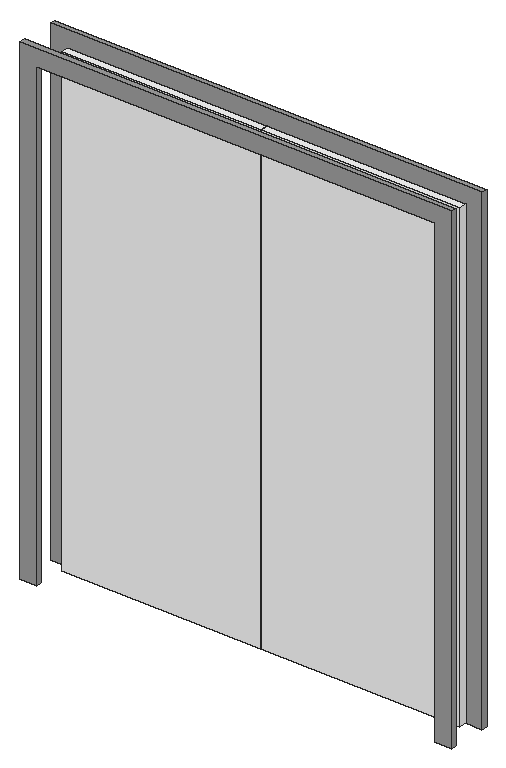
Revit family "Dr-Comm-Dbl_Swg", category Doors, host Wall, Revit 2019
Family settings
  Host = Wall
  OmniClass Number = 23.30.10.00
  OmniClass Title = Doors
  Always vertical = Yes
  Cut with Voids When Loaded = No
  Shared = No
  Room Calculation Point = No
Parameters (values of type "POOL EQUIPMENT - Slab_Lever-Lever - HM")
  Trim Visibility = yes
  Thickness = 0' - 1 3/8"
  Push - Door Operator = Gen-Door-Hardware_FB : Lever
  Pull - Door Operator = Gen-Door-Hardware_FB : Lever
  Panic Bar Width [instance] = ([DS - Width] / 2) - 0' 4"  # 2' - 8"
  Panel Width [instance] = [DS - Width] / 2  # 3' - 0"
  Panel Type = Gen-Door_Panel-Slab-UH : Gen-Door_Panel-Slab-UH
  Operation = ""
  LOUVER VISABILITY = yes
  Glazing Material = none
  Function = Interior
  Door Angle = 45.00°
  DS - Width [instance] = 6' - 0"
  DS - Threshold Material [instance] = ""
  DS - Style = "N"
  DS - Smoke & Draft Control [instance] = ""
  DS - Remarks [instance] = ""
  DS - Push Side [instance] = ""
  DS - Pull Side [instance] = ""
  DS - Lock Set [instance] = ""
  DS - Location = "POOL EQUIPMENT"
  DS - Leaf Width [instance] = ""
  DS - Int./ Ext. [instance] = ""
  DS - Height [instance] = 7' - 0"
  DS - Glazing [instance] = ""
  DS - Frame Material = "METAL"
  DS - Frame Finish [instance] = ""
  DS - Fire Rating [instance] = ""
  DS - Door Type/Symbol = ""
  DS - Door Material = "H.M."
  DS - Door Finish [instance] = ""
  DS - Detail_Threshold [instance] = ""
  DS - Detail_Jamb [instance] = ""
  DS - Detail_Head [instance] = ""
  DS - Closer [instance] = ""
  DS - Action = "SINGLE SWING"
  Clearance Depth - Push Side = 4' - 0"
  Clearance Depth - Pull Side = 5' - 0"
  Clearance - Push Side = 0' - 0"
  Clearance - Pull Side = 1' - 6"
  Assembly Code = "C1020"
  Door Material = Door - Panel
  Frame Material = Door - Frame
  Height = 8' - 0"
  Trim Projection Ext = 0' - 1"
  Trim Projection Int = 0' - 1"
  Trim Width = 0' - 3"
  Wall Closure = By host
  Width = 3' - 0"
  Analytic Construction = "<None>"
  ADA Clearance Visibility - Push Side [instance] = yes
  ADA Clearance Visibility - Pull Side [instance] = yes
  90 Degree (on/off) [instance] = yes
  45 Degree (on/off) [instance] = no
Types (29): name | Trim Visibility | Push - Door Operator | Panel Type | LOUVER VISABILITY | Glazing Material | DS - Style | DS - Location | DS - Frame Material | DS - Door Material | Door Material | Frame Material | Width
  ELECT./IDF IN CORRIDOR - Slab_Lever-Lever - HM | yes | Gen-Door-Hardware_FB : Lever | Gen-Door_Panel-Slab-UH : Gen-Door_Panel-Slab-UH | no | none | "N" | "ELECTRICAL ROOM TO CORRIDOR" | "HM" | "HM - INSUL" | Door - Panel | Door - Frame | 3' - 0"
  FIREWALL AT CORRIDOR - Slab_Panicbar-Lever - HM | yes | Gen-Door-Hardware_FB : Panic Bar | Gen-Door_Panel-Slab-UH : Gen-Door_Panel-Slab-UH | no | none | "P" | "FIREWALL AT CORRIDOR" | "METAL" | "H.M. - INSUL." | Door - Panel | Door - Frame | 3' - 0"
  POOL EQUIPMENT - Slab_Lever-Lever - HM | yes | Gen-Door-Hardware_FB : Lever | Gen-Door_Panel-Slab-UH : Gen-Door_Panel-Slab-UH | yes | none | "N" | "POOL EQUIPMENT" | "METAL" | "H.M." | Door - Panel | Door - Frame | 3' - 0"
  FITNESS FROM CORRIDOR - Full-Glass_Lever-Lever - HM | no | Gen-Door-Hardware_FB : Lever | Gen-Door_Full-Glass-UH : Gen-Door_Full-Glass-UH | no | Shea Glass 01 | "L" | "FITNESS FROM CORRIDOR" | "ALUMINUM" | "STOREFRONT" | Door - Panel HM | Door - Frame HM | 3' - 0"
  LOGGIA FROM LOUNGE - Full-Glass_Panicbar-Lever - HM | no | Gen-Door-Hardware_FB : Panic Bar | Gen-Door_Full-Glass-UH : Gen-Door_Full-Glass-UH | no | Shea Glass 01 | "L" | "LOGGIA FROM LOUNGE" | "ALUMINUM" | "STOREFRONT" | Door - Frame HM | Door - Frame | 3' - 0"
  STORAGE IN CORRIDOR - Slab_Lever-Lever - HM | yes | Gen-Door-Hardware_FB : Lever | Gen-Door_Panel-Slab-UH : Gen-Door_Panel-Slab-UH | no | none | "N" | "STORAGE IN CORRIDOR" | "METAL" | "H.M." | Door - Panel | Door - Frame | 6' - 0"
  STAIR EXIT TO EXTERIOR DOUBLE- Slab_Panicbar-Lever - HM | yes | Gen-Door-Hardware_FB : Panic Bar | Gen-Door_Panel-Slab-UH : Gen-Door_Panel-Slab-UH | no | none | "P" | "STAIR EXIT TO EXTERIOR" | "METAL" | "H.M." | Door - Panel | Door - Frame | 3' - 0"
  CORRIDOR INTO STAIR- Slab_Panicbar-Lever - HM | yes | Gen-Door-Hardware_FB : Panic Bar | Gen-Door_Panel-Slab-UH : Gen-Door_Panel-Slab-UH | no | none | "P" | "STAIR INTO CORRIDOR" | "METAL" | "H.M." | Door - Panel | Door - Frame | 3' - 0"
  LOUNGE FROM CLUB ROOM - Full-Glass_Panicbar-Lever - HM | no | Gen-Door-Hardware_FB : Panic Bar | Gen-Door_Full-Glass-UH : Gen-Door_Full-Glass-UH | no | Shea Glass 01 | "L" | "LOUNGE FROM CLUB ROOM" | "ALUMINUM" | "STOREFRONT" | Door - Frame HM | Door - Frame | 3' - 0"
  ELEVATOR MACHINE ROOM - Slab_Lever-Lever - HM | yes | Gen-Door-Hardware_FB : Lever | Gen-Door_Panel-Slab-UH : Gen-Door_Panel-Slab-UH | no | none | "N" | "ELEVATOR MACHINE ROOM" | "METAL" | "H.M." | Door - Panel | Door - Frame | 3' - 0"
  CORRIDOR FROM LOUNGE - Full-Glass_Panicbar-Lever - HM | no | Gen-Door-Hardware_FB : Panic Bar | Gen-Door_Full-Glass-UH : Gen-Door_Full-Glass-UH | no | Shea Glass 01 | "L" | "LOGGIA FROM LOUNGE" | "ALUMINUM" | "STOREFRONT" | Door - Frame HM | Door - Frame | 3' - 0"
  BUSINESS CENTER FROM CORRIDOR - Full-Glass_Lever-Lever - HM | yes | Gen-Door-Hardware_FB : Lever | Gen-Door_Full-Glass-UH : Gen-Door_Full-Glass-UH | no | Shea Glass 01 | "L" | "LOGGIA FROM BUSINESS CENTER" | "ALUMINUM" | "STOREFRONT" | Door - Panel | Door - Frame | 3' - 0"
  IRRIGATION CONTROLLER - Slab_Lever-Lever - HM | yes | Gen-Door-Hardware_FB : Lever | Gen-Door_Panel-Slab-UH : Gen-Door_Panel-Slab-UH | yes | none | "N" | "IRRIGATION CONTROLLER" | "METAL" | "H.M." | Door - Panel | Door - Frame | 3' - 0"
  TRASH ROOM - Slab_Lever-Lever - HM | yes | Gen-Door-Hardware_FB : Lever | Gen-Door_Panel-Slab-UH : Gen-Door_Panel-Slab-UH | no | none | "N" | "TRASH" | "HM" | "HM - INSUL" | Door - Panel | Door - Frame | 3' - 0"
  RETAIL BOH - Slab_Lever-Lever - HM | yes | Gen-Door-Hardware_FB : Lever | Gen-Door_Panel-Slab-UH : Gen-Door_Panel-Slab-UH | no | none | "N" | "RETAIL BOH" | "METAL" | "H.M." | Door - Panel | Door - Frame | 3' - 0"
  FAN ROOM IN GARAGE - Slab_Lever-Lever - HM | yes | Gen-Door-Hardware_FB : Lever | Gen-Door_Panel-Slab-UH : Gen-Door_Panel-Slab-UH | no | none | "N" | "FAN ROOM" | "METAL" | "H.M." | Door - Panel | Door - Frame | 3' - 0"
  GARAGE INTO CORRIDOR- Slab_Panicbar-Lever - HM 2 | yes | Gen-Door-Hardware_FB : Panic Bar | Gen-Door_Panel-Slab-UH : Gen-Door_Panel-Slab-UH | no | none | "P" | "STAIR INTO CORRIDOR" | "METAL" | "H.M." | Door - Panel | Door - Frame | 3' - 0"
  SERVICE TO CORRIDOR- Slab_Panicbar-Lever - HM | yes | Gen-Door-Hardware_FB : Panic Bar | Gen-Door_Panel-Slab-UH : Gen-Door_Panel-Slab-UH | no | none | "P" | "STAIR INTO CORRIDOR" | "METAL" | "H.M." | Door - Panel | Door - Frame | 3' - 0"
  CORRIDOR IN LINE- Slab_Panicbar-Lever - HM | yes | Gen-Door-Hardware_FB : Panic Bar | Gen-Door_Panel-Slab-UH : Gen-Door_Panel-Slab-UH | no | none | "P" | "STAIR INTO CORRIDOR" | "METAL" | "H.M." | Door - Panel | Door - Frame | 3' - 0"
  CORRIDOR TO EXTERIOR- Slab_Panicbar-Lever - HM | yes | Gen-Door-Hardware_FB : Panic Bar | Gen-Door_Panel-Slab-UH : Gen-Door_Panel-Slab-UH | no | none | "P" | "STAIR INTO CORRIDOR" | "METAL" | "H.M." | Door - Panel | Door - Frame | 3' - 0"
  CORRIDOR FROM LOBBY - Full-Glass_Panicbar-Lever - HM | no | Gen-Door-Hardware_FB : Panic Bar | Gen-Door_Full-Glass-UH : Gen-Door_Full-Glass-UH | no | Shea Glass 01 | "L" | "LEASING LOBBY" | "AL" | "AL" | Door - Frame HM | Door - Frame | 3' - 0"
  SERVICE TO EXTERIOR- Slab_Panicbar-Lever - HM | yes | Gen-Door-Hardware_FB : Panic Bar | Gen-Door_Panel-Slab-UH : Gen-Door_Panel-Slab-UH | no | none | "P" | "STAIR INTO CORRIDOR" | "METAL" | "H.M." | Door - Panel | Door - Frame | 3' - 0"
  ELECTRICAL TO EXTERIOR - Slab_Lever-Lever - HM | yes | Gen-Door-Hardware_FB : Lever | Gen-Door_Panel-Slab-UH : Gen-Door_Panel-Slab-UH | no | none | "N" | "ELECTRICAL ROOM" | "METAL" | "H.M." | Door - Panel | Door - Frame | 3' - 0"
  MAIL ROOM - Full-Glass_Panicbar-Lever - HM | no | Gen-Door-Hardware_FB : Panic Bar | Gen-Door_Full-Glass-UH : Gen-Door_Full-Glass-UH | no | Shea Glass 01 | "L" | "LOUNGE FROM CLUB ROOM" | "ALUMINUM" | "STOREFRONT" | Door - Frame HM | Door - Frame | 6' - 0"
  Fire Pump - Slab_Lever-Lever - HM | yes | Gen-Door-Hardware_FB : Lever | Gen-Door_Panel-Slab-UH : Gen-Door_Panel-Slab-UH | no | none | "N" | "FIRE PUMP" | "HM" | "HM - INSUL" | Door - Panel | Door - Frame | 6' - 0"
  Fire Control - Slab_Lever-Lever - HM | yes | Gen-Door-Hardware_FB : Lever | Gen-Door_Panel-Slab-UH : Gen-Door_Panel-Slab-UH | no | none | "N" | "BIKE STORAGE" | "METAL" | "H.M." | Door - Panel | Door - Frame | 6' - 0"
  Boiler Room - Slab_Lever-Lever - HM | yes | Gen-Door-Hardware_FB : Lever | Gen-Door_Panel-Slab-UH : Gen-Door_Panel-Slab-UH | no | none | "N" | "BOILER ROOM" | "HM" | "HM" | Door - Panel | Door - Frame | 6' - 0"
  Bike Storage - Slab_Lever-Lever - HM | yes | Gen-Door-Hardware_FB : Lever | Gen-Door_Panel-Slab-UH : Gen-Door_Panel-Slab-UH | no | none | "N" | "BIKE STORAGE" | "HM" | "HM" | Door - Panel | Door - Frame | 6' - 0"
  INVERTER- Slab_Panicbar-Lever - HM | yes | Gen-Door-Hardware_FB : Panic Bar | Gen-Door_Panel-Slab-UH : Gen-Door_Panel-Slab-UH | no | none | "P" | "MPOE" | "METAL" | "H.M." | Door - Panel | Door - Frame | 3' - 0"
Reference planes (in)
  plane 1: y = 0
  plane 2: z = 0
  plane 3: x = 0
  plane 4: x = -36
  plane 5: x = 36
  plane 6: z = 84
  plane 7 "Door Back - Pull": y = 3
  plane 8: y = 63
  plane 9: y = -51
  plane 10 "Door Front - Push": y = -3
  plane 11: z = 40
  plane 12: y = 39
  plane 13: x = 34.625
  plane 14: x = 18
  plane 15: x = -18
  plane 16: x = -34.625
  plane 17: x = 2
  plane 18: x = -2
  plane 19: z = 37
  plane 20: z = 10
  plane 21: z = 43
  plane 22: z = 80
Forms (in)
  Extrusion 1, solid, material "Door - Frame" <- "Frame Material", visible <- "Trim Visibility"
    sketch origin (-60, -3, 0) x (1, 0, 0) y (0, 0, 1)
      loop
        line (21, 87) -> (21, 0) -> (24, 0) -> (24, 84) -> (96, 84) -> (96, 0) -> (99, 0) -> (99, 87) -> (21, 87)
    from 0 to 1
  Extrusion 2, solid, material "Door - Frame" <- "Frame Material", visible <- "Trim Visibility"
    sketch origin (-60, 3, 0) x (-1, 0, 0) y (0, 0, 1)
      loop
        line (-99, 87) -> (-99, 0) -> (-96, 0) -> (-96, 84) -> (-24, 84) -> (-24, 0) -> (-21, 0) -> (-21, 87) -> (-99, 87)
    from 0 to 1
Lines and regions (in)
  Opening 1
    outline origin (-60, -3, 144) x (0, 0, -1) y (1, 0, 0)
      loop
        line (60, 24) -> (144, 24) -> (144, 96) -> (60, 96) -> (60, 24)
  symbolic lines, style "Elevation Swing"
    curve 1: line (0, 0, 84) -> (36, 0, 42)
    curve 2: line (0, 0, 0) -> (36, 0, 42)
    curve 34: line (0, 3, 84) -> (-36, 3, 42)
    curve 35: line (-36, 3, 42) -> (0, 3, 0)
  reference lines
    curve 3: line (36, 3, 0) -> (-13.49747, 52.49747, 0)
    curve 4: line (36, 3, 0) -> (58.62742, 25.62742, 0)
    curve 22: line (-36, 3, 0) -> (-2.05887, 36.94113, 0)
    curve 23: line (-36, 3, 0) -> (-57.92031, 24.92031, 0)
  symbolic lines, style "ADA Clearance", visible <- "ADA Clearance Visibility - Pull Side"
    curve 5: line (-36, 3, 0) -> (-36, 63, 0)
    curve 6: line (-36, 63, 0) -> (36, 63, 0)
    curve 7: line (36, 63, 0) -> (36, 3, 0)
    curve 11: line (-36, 3, 0) -> (0, 3, 0)
  symbolic lines, style "ADA Clearance", visible <- "ADA Clearance Visibility - Push Side"
    curve 8: line (-36, -3, 0) -> (-36, -51, 0)
    curve 9: line (-36, -51, 0) -> (36, -51, 0)
    curve 10: line (36, -51, 0) -> (36, -3, 0)
  symbolic lines, style "Plan Swing", visible <- "90 Degree (on/off)"
    curve 12: line (36, 3, 0) -> (34.625, 3, 0)
    curve 13: line (36, 3, 0) -> (36, 39, 0)
    curve 14: line (36, 39, 0) -> (34.625, 39, 0)
    curve 15: line (34.625, 3, 0) -> (34.625, 39, 0)
    curve 21: arc (36, 39, 0) -> (10.54416, 28.45584, 0) -> (0, 3, 0) r 36
    curve 28: line (-36, 39, 0) -> (-34.625, 39, 0)
    curve 29: line (-36, 3, 0) -> (-36, 39, 0)
    curve 30: line (-34.625, 3, 0) -> (-36, 3, 0)
    curve 31: line (-34.625, 39, 0) -> (-34.625, 3, 0)
    curve 32: arc (0, 3, 0) -> (-10.54416, 28.45584, 0) -> (-36, 39, 0) r 36
  symbolic lines, style "Plan Swing", visible <- "45 Degree (on/off)"
    curve 16: line (9.57188, 27.48357, 0) -> (10.54416, 28.45584, 0)
    curve 17: line (35.02773, 2.02773, 0) -> (9.57188, 27.48357, 0)
    curve 18: line (36, 3, 0) -> (35.02773, 2.02773, 0)
    curve 19: line (10.54416, 28.45584, 0) -> (36, 3, 0)
    curve 20: arc (0, 3, 0) -> (2.74034, 16.7766, 0) -> (10.54416, 28.45584, 0) r 36
    curve 24: line (-36, 3, 0) -> (-10.54416, 28.45584, 0)
    curve 25: line (-35.02773, 2.02773, 0) -> (-36, 3, 0)
    curve 26: line (-9.57188, 27.48357, 0) -> (-35.02773, 2.02773, 0)
    curve 27: line (-10.54416, 28.45584, 0) -> (-9.57188, 27.48357, 0)
    curve 33: arc (0, 3, 0) -> (-2.74034, 16.7766, 0) -> (-10.54416, 28.45584, 0) r 36
  symbolic lines, style "InvisibleLines"
    curve 36: line (-36, 3, 42) -> (36, 3, 42)
    curve 37: line (36, 3, 40) -> (-36, 3, 40)
  symbolic lines, style "DoorsPanelProjection", visible <- "LOUVER VISABILITY"
    curve 38: line (32, 3, 37) -> (4, 3, 37)
    curve 39: line (32, 3, 10) -> (32, 3, 37)
    curve 40: line (4, 3, 10) -> (32, 3, 10)
    curve 41: line (4, 3, 37) -> (4, 3, 10)
    curve 42: line (32, 3, 43) -> (4, 3, 43)
    curve 43: line (32, 3, 80) -> (32, 3, 43)
    curve 44: line (4, 3, 80) -> (32, 3, 80)
    curve 45: line (4, 3, 43) -> (4, 3, 80)
    curve 46: line (4, 3, 12.45455) -> (32, 3, 12.45455)
    curve 47: line (4, 3, 14.90909) -> (32, 3, 14.90909)
    curve 48: line (4, 3, 17.36364) -> (32, 3, 17.36364)
    curve 49: line (4, 3, 19.81818) -> (32, 3, 19.81818)
    curve 50: line (4, 3, 22.27273) -> (32, 3, 22.27273)
    curve 51: line (4, 3, 24.72727) -> (32, 3, 24.72727)
    curve 52: line (4, 3, 27.18182) -> (32, 3, 27.18182)
    curve 53: line (4, 3, 29.63636) -> (32, 3, 29.63636)
    curve 54: line (4, 3, 32.09091) -> (32, 3, 32.09091)
    curve 55: line (4, 3, 34.54545) -> (32, 3, 34.54545)
    curve 56: line (32, 3, 45.17647) -> (4, 3, 45.17647)
    curve 57: line (32, 3, 47.35294) -> (4, 3, 47.35294)
    curve 58: line (32, 3, 49.52941) -> (4, 3, 49.52941)
    curve 59: line (32, 3, 51.70588) -> (4, 3, 51.70588)
    curve 60: line (32, 3, 53.88235) -> (4, 3, 53.88235)
    curve 61: line (32, 3, 56.05882) -> (4, 3, 56.05882)
    curve 62: line (32, 3, 58.23529) -> (4, 3, 58.23529)
    curve 63: line (32, 3, 60.41176) -> (4, 3, 60.41176)
    curve 64: line (32, 3, 62.58824) -> (4, 3, 62.58824)
    curve 65: line (32, 3, 64.76471) -> (4, 3, 64.76471)
    curve 66: line (32, 3, 66.94118) -> (4, 3, 66.94118)
    curve 67: line (32, 3, 69.11765) -> (4, 3, 69.11765)
    curve 68: line (32, 3, 71.29412) -> (4, 3, 71.29412)
    curve 69: line (32, 3, 73.47059) -> (4, 3, 73.47059)
    curve 70: line (32, 3, 75.64706) -> (4, 3, 75.64706)
    curve 71: line (32, 3, 77.82353) -> (4, 3, 77.82353)
    curve 72: line (-32, 3, 37) -> (-4, 3, 37)
    curve 73: line (-32, 3, 10) -> (-32, 3, 37)
    curve 74: line (-4, 3, 10) -> (-32, 3, 10)
    curve 75: line (-4, 3, 37) -> (-4, 3, 10)
    curve 76: line (-32, 3, 43) -> (-4, 3, 43)
    curve 77: line (-32, 3, 80) -> (-32, 3, 43)
    curve 78: line (-4, 3, 80) -> (-32, 3, 80)
    curve 79: line (-4, 3, 43) -> (-4, 3, 80)
    curve 80: line (-4, 3, 12.45455) -> (-32, 3, 12.45455)
    curve 81: line (-4, 3, 14.90909) -> (-32, 3, 14.90909)
    curve 82: line (-4, 3, 17.36364) -> (-32, 3, 17.36364)
    curve 83: line (-4, 3, 19.81818) -> (-32, 3, 19.81818)
    curve 84: line (-4, 3, 22.27273) -> (-32, 3, 22.27273)
    curve 85: line (-4, 3, 24.72727) -> (-32, 3, 24.72727)
    curve 86: line (-4, 3, 27.18182) -> (-32, 3, 27.18182)
    curve 87: line (-4, 3, 29.63636) -> (-32, 3, 29.63636)
    curve 88: line (-4, 3, 32.09091) -> (-32, 3, 32.09091)
    curve 89: line (-4, 3, 34.54545) -> (-32, 3, 34.54545)
    curve 90: line (-32, 3, 45.17647) -> (-4, 3, 45.17647)
    curve 91: line (-32, 3, 47.35294) -> (-4, 3, 47.35294)
    curve 92: line (-32, 3, 49.52941) -> (-4, 3, 49.52941)
    curve 93: line (-32, 3, 51.70588) -> (-4, 3, 51.70588)
    curve 94: line (-32, 3, 53.88235) -> (-4, 3, 53.88235)
    curve 95: line (-32, 3, 56.05882) -> (-4, 3, 56.05882)
    curve 96: line (-32, 3, 58.23529) -> (-4, 3, 58.23529)
    curve 97: line (-32, 3, 60.41176) -> (-4, 3, 60.41176)
    curve 98: line (-32, 3, 62.58824) -> (-4, 3, 62.58824)
    curve 99: line (-32, 3, 64.76471) -> (-4, 3, 64.76471)
    curve 100: line (-32, 3, 66.94118) -> (-4, 3, 66.94118)
    curve 101: line (-32, 3, 69.11765) -> (-4, 3, 69.11765)
    curve 102: line (-32, 3, 71.29412) -> (-4, 3, 71.29412)
    curve 103: line (-32, 3, 73.47059) -> (-4, 3, 73.47059)
    curve 104: line (-32, 3, 75.64706) -> (-4, 3, 75.64706)
    curve 105: line (-32, 3, 77.82353) -> (-4, 3, 77.82353)
Dimensions and locks (in)
  equal spacing: plane 4, plane 3, plane 5
  "DS - Width": plane 4 to plane 5
  "DS - Height": plane 6 to plane 2
  "Trim Projection Ext": Extrusion 2 to host wall
  "Trim Projection Int": Extrusion 1 to host wall
  equal spacing: plane 6, curve 2, level
  "Clearance Depth - Pull Side": plane 8 to host wall
  "Clearance Depth - Push Side": plane 9 to host wall
  locked: nested 1 to plane 7 "Door Back - Pull" at 0.6875
  locked: level to plane 11 at 40
  "Panel Width": plane 7 "Door Back - Pull" to plane 12
  "Thickness": plane 13 to plane 5
  "Panel Width": curve 4 to curve 16
  "Thickness": curve 3 to curve 17
  equal spacing: plane 3, plane 14, plane 5
  equal spacing: plane 4, plane 15, plane 3
  locked: nested 4 to plane 7 "Door Back - Pull" at 0.6875
  "Thickness": curve 26 to curve 22
  "Panel Width": curve 27 to curve 23
  "Thickness": plane 4 to plane 16
  plane 17 to plane 3 to plane 18 = 0' - 2" locked, 0' - 2" locked
  equal spacing: level, curve 35, plane 6
  locked: level to plane 20 at 10
  locked: level to plane 19 at 37
  locked: plane 19 to plane 21 at 6
  plane 22 to plane 6 = 0' - 4"
  locked: curve 41 to plane 3 at 4
  locked: curve 39 to plane 5 at 4
  locked: curve 43 to plane 5 at 4
  locked: curve 45 to plane 3 at 4
  locked: plane 4 to curve 73 at 4
  locked: plane 4 to curve 77 at 4
  locked: plane 3 to curve 75 at 4
  locked: plane 3 to curve 79 at 4
  "Door Angle": angle curve 3 to plane 7 "Door Back - Pull"
  locked: curve 4 to curve 3 (angle 90.00°)
  "Door Angle": angle plane 7 "Door Back - Pull" to curve 22
  locked: curve 22 to curve 23 (angle 90.00°)
  aligned and locked: Extrusion 1 to Extrusion 2 sketch curve
  aligned and locked: Extrusion 2 sketch curve to Extrusion 1  (x2)
  aligned and locked: plane 7 "Door Back - Pull" to host wall
  aligned and locked: curve 7 to plane 5
  aligned and locked: curve 6 to plane 8
  aligned and locked: curve 10 to plane 5
  aligned and locked: curve 9 to plane 9
  aligned and locked: host wall to curve 8
  aligned and locked: host wall to curve 10
  aligned and locked: plane 10 "Door Front - Push" to host wall
  aligned and locked: nested 2 to plane 11
  aligned and locked: plane 11 to nested 3
  aligned and locked: plane 13 to curve 15
  aligned and locked: curve 13 to plane 5
  aligned and locked: curve 12 to plane 7 "Door Back - Pull"
  aligned and locked: curve 14 to plane 12
  aligned and locked: curve 19 to curve 3
  aligned and locked: curve 18 to curve 4
  aligned and locked: plane 14 to nested 1
  aligned and locked: plane 15 to nested 4
  aligned and locked: curve 5 to plane 4
  aligned and locked: plane 4 to curve 8
  aligned and locked: curve 24 to curve 22
  aligned and locked: curve 30 to plane 7 "Door Back - Pull"
  aligned and locked: plane 12 to curve 28
  aligned and locked: curve 31 to plane 16
  aligned and locked: nested 3 to plane 17
  aligned and locked: plane 18 to nested 5
  aligned and locked: nested 5 to plane 11
  aligned and locked: plane 11 to nested 6
  aligned and locked: nested 6 to plane 18
  aligned and locked: plane 17 to nested 2
  aligned and locked: plane 5 to curve 36
  aligned and locked: plane 4 to curve 36
  aligned and locked: curve 37 to plane 11
  aligned and locked: plane 4 to curve 37
  aligned and locked: plane 5 to curve 37
  aligned and locked: curve 38 to plane 19
  aligned and locked: plane 22 to curve 44
  aligned and locked: curve 78 to plane 22
  aligned and locked: curve 74 to plane 20
Automatic sketch dimensions
  plane 5 to Opening 1 sketch curve = 0' - 0"
  Opening 1 sketch curve to plane 6 = 0' - 0"
  Opening 1 sketch curve to level = 0' - 0"
  plane 4 to Opening 1 sketch curve = 0' - 0"
  Extrusion 1 sketch curve to level = 0' - 0"  (x2)
  plane 4 to Extrusion 1 sketch curve = 0' - 0"
  plane 5 to Extrusion 1 sketch curve = 0' - 0"
  Extrusion 1 sketch curve to plane 6 = 0' - 0"
  plane 5 to Extrusion 2 sketch curve = 0' - 0"
  plane 4 to Extrusion 2 sketch curve = 0' - 0"
  Extrusion 2 sketch curve to level = 0' - 0"  (x2)
  Extrusion 2 sketch curve to plane 6 = 0' - 0"
  curve 1 to plane 3 = 0' - 0"
  curve 1 to plane 6 = 0' - 0"
  curve 2 to level = 0' - 0"
  curve 2 to plane 3 = 0' - 0"
  plane 5 to curve 1 = 0' - 0"
  Extrusion 1 sketch curve to Extrusion 1 sketch curve = 0' - 3"
  Extrusion 1 sketch curve to plane 5 = 0' - 3"
  Extrusion 1 sketch curve to plane 6 = 0' - 3"
  curve 34 to plane 3 = 0' - 0"
  curve 35 to level = 0' - 0"
  curve 35 to plane 3 = 0' - 0"
  curve 34 to plane 6 = 0' - 0"
  curve 41 to plane 20 = 0' - 0"
  curve 42 to plane 21 = 0' - 0"
  curve 42 to curve 56 = 0' - 2.17647"
  curve 56 to curve 57 = 0' - 2.17647"
  curve 57 to curve 58 = 0' - 2.17647"
  curve 58 to curve 59 = 0' - 2.17647"
  curve 59 to curve 60 = 0' - 2.17647"
  curve 60 to curve 61 = 0' - 2.17647"
  curve 61 to curve 62 = 0' - 2.17647"
  curve 62 to curve 63 = 0' - 2.17647"
  curve 63 to curve 64 = 0' - 2.17647"
  curve 64 to curve 65 = 0' - 2.17647"
  curve 65 to curve 66 = 0' - 2.17647"
  curve 66 to curve 67 = 0' - 2.17647"
  curve 67 to curve 68 = 0' - 2.17647"
  curve 68 to curve 69 = 0' - 2.17647"
  curve 69 to curve 70 = 0' - 2.17647"
  curve 71 to curve 44 = 0' - 2.17647"
  plane 20 to curve 46 = 0' - 2.45455"
  curve 46 to curve 47 = 0' - 2.45455"
  curve 47 to curve 48 = 0' - 2.45455"
  curve 48 to curve 49 = 0' - 2.45455"
  curve 49 to curve 50 = 0' - 2.45455"
  curve 50 to curve 51 = 0' - 2.45455"
  curve 51 to curve 52 = 0' - 2.45455"
  curve 52 to curve 53 = 0' - 2.45455"
  curve 53 to curve 54 = 0' - 2.45455"
  curve 55 to curve 38 = 0' - 2.45455"
  curve 75 to plane 19 = 0' - 0"
  curve 79 to plane 21 = 0' - 0"
  curve 76 to curve 90 = 0' - 2.17647"
  curve 90 to curve 91 = 0' - 2.17647"
  curve 91 to curve 92 = 0' - 2.17647"
  curve 92 to curve 93 = 0' - 2.17647"
  curve 93 to curve 94 = 0' - 2.17647"
  curve 94 to curve 95 = 0' - 2.17647"
  curve 95 to curve 96 = 0' - 2.17647"
  curve 96 to curve 97 = 0' - 2.17647"
  curve 97 to curve 98 = 0' - 2.17647"
  curve 98 to curve 99 = 0' - 2.17647"
  curve 99 to curve 100 = 0' - 2.17647"
  curve 100 to curve 101 = 0' - 2.17647"
  curve 101 to curve 102 = 0' - 2.17647"
  curve 102 to curve 103 = 0' - 2.17647"
  curve 103 to curve 104 = 0' - 2.17647"
  curve 105 to plane 22 = 0' - 2.17647"
  curve 74 to curve 80 = 0' - 2.45455"
  curve 80 to curve 81 = 0' - 2.45455"
  curve 81 to curve 82 = 0' - 2.45455"
  curve 82 to curve 83 = 0' - 2.45455"
  curve 83 to curve 84 = 0' - 2.45455"
  curve 84 to curve 85 = 0' - 2.45455"
  curve 85 to curve 86 = 0' - 2.45455"
  curve 86 to curve 87 = 0' - 2.45455"
  curve 87 to curve 88 = 0' - 2.45455"
  curve 89 to plane 19 = 0' - 2.45455"
  curve 22 to host wall = 0' - 0"
  curve 22 to plane 4 = 0' - 0"
  curve 4 to host wall = 0' - 0"
  curve 4 to plane 5 = 0' - 0"
  curve 20 to curve 21 = 0' - 0"
  curve 20 to curve 16 = 0' - 0"
Nested families (in)
  nested 1: "Gen-Door_Panel-Slab-UH" at (18, 2.3125, 0), type <- "Panel Type", type "Gen-Door_Panel-Slab-UH"
    with Width 3' - 0"
  nested 2: "Gen-Door-Hardware_FB" at (2, -3, 40) x (-1, 0, 0) z (0, 1, 0), type <- "Push - Door Operator", type "Lever"
  nested 3: "Gen-Door-Hardware_FB" at (2, 3, 40) x (-1, 0, 0) z (0, -1, 0), type <- "Pull - Door Operator", type "Lever"
  nested 4: "Gen-Door_Panel-Slab-UH" at (-18, 2.3125, 0) x (-1, 0, 0) z (0, 0, 1), type <- "Panel Type", type "Gen-Door_Panel-Slab-UH"
    with Width 3' - 0"
  nested 5: "Gen-Door-Hardware_FB" at (-2, 3, 40) x (1, 0, 0) z (0, -1, 0), type <- "Pull - Door Operator", type "Lever"
  nested 6: "Gen-Door-Hardware_FB" at (-2, -3, 40) x (1, 0, 0) z (0, 1, 0), type <- "Push - Door Operator", type "Lever"
Definition of nested family "Gen-Door_Panel-Slab-UH"
  Parameters
    Width = 4' - 0"
    Thickness [instance] = 0' - 1 3/8"
    Panel Material = none
    Height = 7' - 0"
  Reference planes (in)
    plane 1 "Center (Front/Back)": y = 0
    plane 2: z = 0
    plane 3 "Center (Left/Right)": x = 0
    plane 4: y = 0.6875
    plane 5: y = -0.6875
    plane 6: x = 24
    plane 7: x = -24
    plane 8: z = 84
  Forms (in)
    Extrusion 1, solid, material <- "Panel Material"
      sketch origin (0, 0, 0) x (1, 0, 0) y (0, 1, 0)
        loop
          line (-24, 0.6875) -> (-24, -0.6875) -> (24, -0.6875) -> (24, 0.6875) -> (-24, 0.6875)
      from 0 to 84
  Dimensions and locks (in)
    equal spacing: plane 7, plane 3 "Center (Left/Right)", plane 6
    "Width": plane 7 to plane 6
    equal spacing: plane 4, plane 1 "Center (Front/Back)", plane 5
    "Thickness": plane 4 to plane 5
    "Height": plane 8 to level
    aligned and locked: plane 2 to level
    aligned and locked: Extrusion 1 sketch curve to plane 6
    aligned and locked: plane 7 to Extrusion 1 sketch curve
    aligned and locked: Extrusion 1 sketch curve to plane 4
    aligned and locked: plane 5 to Extrusion 1 sketch curve
    aligned and locked: plane 8 to Extrusion 1
    aligned and locked: Extrusion 1 to level
Definition of nested family "Gen-Door-Hardware_FB"
  Parameters
    Panic Bar Width = 2' - 6"
    Door Operator = Dtl-Dr_Pushplate : Pushplate - Mirrored
    Default Elevation = 4' - 0"
  Reference planes (in)
    plane 1 "Center (Front/Back)": y = 0
    plane 2: z = 0
    plane 3 "Center (Left/Right)": x = 0
  Forms (in)
    Extrusion 1, solid
      sketch origin (0, 0, 0) x (1, 0, 0) y (0, 1, 0)
        loop
          line (-48, 48) -> (-48, -48) -> (48, -48) -> (48, 48) -> (-48, 48)
      from 0 to -12
  Dimensions and locks (in)
    aligned and locked: plane 2 to Extrusion 1
    aligned and locked: level to Extrusion 1
    aligned and locked: plane 3 "Center (Left/Right)" to nested 1
    aligned and locked: plane 1 "Center (Front/Back)" to nested 1
    aligned and locked: plane 3 "Center (Left/Right)" to nested 2
    aligned and locked: plane 1 "Center (Front/Back)" to nested 2
  Nested families (in)
    nested 1: "Dtl-Dr_Pushplate" at (0, 0, 0), type <- "Door Operator", type "Pushplate - Mirrored"
      with Pushplate Mirrored yes, Pushplate no
    nested 2: "Dtl-Dr_Pushplate" at (0, 0, 0), type <- "Door Operator", type "Pushplate - Mirrored"
      with Pushplate Mirrored yes, Pushplate no
  Definition of nested family "Dtl-Dr_Pushplate"
    Parameters
      Pushplate Mirrored = no
      Pushplate = yes
    Reference planes (in)
      plane 1 "Center (Front/Back)": y = 0
      plane 2: z = 0
      plane 3 "Center (Left/Right)": x = 0
    Lines and regions (in)
      Filled region 1, type "Solid Fill - Black", in view "Ref. Level", visible <- "Pushplate"
        outline origin (-15.63603, -21.91864, 0) x (0, 1, 0) y (-1, 0, 0)
          loop
            line (21.91738, -14.53789) -> (23.16809, -14.53789) -> (23.16809, -14.0909) -> (23.16704, -14.02952) -> (23.1639, -13.9886) -> (23.1597, -13.9524) -> (23.12927, -13.86112) -> (23.10409, -13.82964) -> (23.07156, -13.80078) -> (23.03221, -13.77403) -> (22.98552, -13.7499) -> (22.93201, -13.72786) -> (22.88322, -13.71265) -> (22.82446, -13.69848) -> (22.76256, -13.68747) -> (22.69698, -13.6796) -> (22.62773, -13.67487) -> (22.5548, -13.6733) -> (22.49237, -13.67435) -> (22.4205, -13.67802) -> (22.35334, -13.68537) -> (22.29091, -13.69586) -> (22.23268, -13.70897) -> (22.17864, -13.72524) -> (22.12933, -13.74465) -> (22.08421, -13.76721) -> (22.05326, -13.78714) -> (22.02493, -13.8097) -> (21.99975, -13.83489) -> (21.97771, -13.86322) -> (21.95935, -13.89364) -> (21.94413, -13.9267) -> (21.93259, -13.9629) -> (21.9242, -14.00119) -> (21.91895, -14.04211) -> (21.91738, -14.08566) -> (21.91738, -14.53789)
          loop
            line (23.20062, -13.53375) -> (23.14344, -13.51434) -> (23.08153, -13.49598) -> (23.04638, -13.48706) -> (22.98552, -13.47342) -> (22.92309, -13.46187) -> (22.85856, -13.45243) -> (22.79246, -13.44509) -> (22.72478, -13.43932) -> (22.65553, -13.43617) -> (22.56897, -13.43459) -> (22.49709, -13.43564) -> (22.42732, -13.43827) -> (22.35912, -13.44299) -> (22.29301, -13.44981) -> (22.22848, -13.4582) -> (22.16553, -13.4687) -> (22.10467, -13.48076) -> (22.04591, -13.49493) -> (21.98873, -13.51067) -> (21.93364, -13.5285) -> (21.88013, -13.54844) -> (21.81455, -13.57624) -> (21.77783, -13.59461) -> (21.74373, -13.61454) -> (21.71172, -13.63605) -> (21.68182, -13.65914) -> (21.65454, -13.68379) -> (21.62936, -13.71055) -> (21.6068, -13.73888) -> (21.58634, -13.76878) -> (21.56798, -13.80026) -> (21.55171, -13.83384) -> (21.53807, -13.86899) -> (21.52706, -13.90571) -> (21.51814, -13.94401) -> (21.51132, -13.9844) -> (21.50659, -14.02585) -> (21.5045, -14.08933) -> (21.5045, -14.53789) -> (20.0817, -14.53789) -> (20.0817, -14.76925) -> (23.5815, -14.76925) -> (23.5815, -14.10979) -> (23.58045, -14.06625) -> (23.57888, -14.02533) -> (23.57625, -13.98755) -> (23.57258, -13.95188) -> (23.56733, -13.91935) -> (23.53376, -13.80656) -> (23.51592, -13.77141) -> (23.49494, -13.73835) -> (23.4708, -13.70688) -> (23.44352, -13.67697) -> (23.41257, -13.64917) -> (23.38529, -13.62766) -> (23.34594, -13.60195) -> (23.30187, -13.57782) -> (23.25361, -13.55473) -> (23.20062, -13.53375)
          loop
            line (23.5815, -8.36668) -> (20.0817, -8.36668) -> (20.0817, -8.59805) -> (21.73114, -8.59805) -> (21.73114, -9.50723) -> (20.0817, -9.50723) -> (20.0817, -9.73859) -> (23.5815, -9.73859) -> (23.5815, -9.50723) -> (22.14402, -9.50723) -> (22.14402, -8.59805) -> (23.5815, -8.59805) -> (23.5815, -8.36668)
          loop
            line (20.4374, -10.72174) -> (20.43898, -10.75794) -> (20.44422, -10.79362) -> (20.45209, -10.82824) -> (20.46363, -10.86182) -> (20.47832, -10.89487) -> (20.49669, -10.92687) -> (20.51767, -10.95782) -> (20.54233, -10.98773) -> (20.59689, -11.04281) -> (20.63414, -11.07272) -> (20.67453, -11.09947) -> (20.71808, -11.12361) -> (20.76477, -11.14459) -> (20.81461, -11.16295) -> (20.85081, -11.17502) -> (20.9059, -11.18971) -> (20.96518, -11.20283) -> (21.02866, -11.21384) -> (21.09634, -11.22276) -> (21.16821, -11.23011) -> (21.24428, -11.23588) -> (21.20598, -11.45412) -> (21.14932, -11.45307) -> (21.08007, -11.4494) -> (21.01187, -11.44415) -> (20.94524, -11.43733) -> (20.88019, -11.42842) -> (20.81671, -11.41792) -> (20.7548, -11.40586) -> (20.69447, -11.39169) -> (20.63519, -11.37543) -> (20.578, -11.35759) -> (20.53393, -11.34238) -> (20.48095, -11.32192) -> (20.43058, -11.30041) -> (20.38284, -11.2768) -> (20.33877, -11.25214) -> (20.2968, -11.22591) -> (20.2585, -11.1981) -> (20.22283, -11.16872) -> (20.18978, -11.1383) -> (20.1604, -11.10577) -> (20.14046, -11.08164) -> (20.12, -11.05331) -> (20.10112, -11.02393) -> (20.08485, -10.9935) -> (20.06964, -10.9615) -> (20.05705, -10.92844) -> (20.04655, -10.89487) -> (20.03764, -10.85972) -> (20.03082, -10.82352) -> (20.02557, -10.78627) -> (20.02295, -10.74797) -> (20.0219, -10.70233) -> (20.02347, -10.66613) -> (20.02819, -10.63046) -> (20.03501, -10.59531) -> (20.04498, -10.5612) -> (20.05757, -10.52763) -> (20.07279, -10.4951) -> (20.09062, -10.4631) -> (20.11108, -10.43162) -> (20.13417, -10.40067) -> (20.1604, -10.37076) -> (20.18978, -10.34086) -> (20.2244, -10.30991) -> (20.26165, -10.28053) -> (20.30152, -10.25325) -> (20.34454, -10.22754) -> (20.39019, -10.20341) -> (20.43898, -10.18137) -> (20.49039, -10.16091) -> (20.54443, -10.14203) -> (20.61735, -10.12052) -> (20.67873, -10.10478) -> (20.74169, -10.09166) -> (20.80517, -10.08117) -> (20.8697, -10.07278) -> (20.93527, -10.067) -> (21.0019, -10.06333) -> (21.06958, -10.06176) -> (21.12519, -10.06281) -> (21.19497, -10.06596) -> (21.26264, -10.0712) -> (21.32822, -10.07907) -> (21.39118, -10.08956) -> (21.45256, -10.10216) -> (21.51184, -10.11737) -> (21.59578, -10.14465) -> (21.64405, -10.16354) -> (21.69021, -10.18505) -> (21.73428, -10.20918) -> (21.77625, -10.23489) -> (21.81665, -10.26269) -> (21.85442, -10.29312) -> (21.89062, -10.32565) -> (21.97089, -10.41851) -> (21.98873, -10.44474) -> (22.00709, -10.47359) -> (22.02545, -10.50507) -> (22.04486, -10.53865) -> (22.0648, -10.57537) -> (22.08526, -10.61419) -> (22.10572, -10.65564) -> (22.12723, -10.70023) -> (22.14874, -10.74692) -> (22.17077, -10.79414) -> (22.19386, -10.84083) -> (22.21694, -10.88333) -> (22.2395, -10.92267) -> (22.26206, -10.95835) -> (22.28514, -10.99035) -> (22.3077, -11.01868) -> (22.33026, -11.04334) -> (22.3523, -11.06485) -> (22.45827, -11.12466) -> (22.51336, -11.14197) -> (22.57316, -11.15456) -> (22.63769, -11.1619) -> (22.70747, -11.16453) -> (22.74262, -11.16348) -> (22.8061, -11.15876) -> (22.86643, -11.14984) -> (22.92414, -11.1362) -> (22.97923, -11.11784) -> (23.03116, -11.09475) -> (23.07996, -11.06747) -> (23.12402, -11.03494) -> (23.14921, -11.00976) -> (23.17177, -10.98196) -> (23.19013, -10.95205) -> (23.20534, -10.919) -> (23.21741, -10.88385) -> (23.2258, -10.84555) -> (23.23105, -10.80516) -> (23.23262, -10.76214) -> (23.2279, -10.69866) -> (23.22056, -10.66088) -> (23.20901, -10.62573) -> (23.19432, -10.59216) -> (23.17544, -10.56068) -> (23.15288, -10.53183) -> (23.12665, -10.50454) -> (23.09674, -10.47989) -> (23.04271, -10.44526) -> (22.99864, -10.42323) -> (22.94932, -10.40382) -> (22.89634, -10.38703) -> (22.8381, -10.37181) -> (22.77567, -10.35975) -> (22.70904, -10.34925) -> (22.63769, -10.34191) -> (22.56162, -10.33614) -> (22.5952, -10.11475) -> (22.63769, -10.1158) -> (22.70747, -10.11947) -> (22.77567, -10.12471) -> (22.84177, -10.13258) -> (22.9063, -10.14203) -> (22.96873, -10.15357) -> (23.03012, -10.16721) -> (23.0894, -10.18295) -> (23.14658, -10.20026) -> (23.18908, -10.21495) -> (23.24049, -10.23541) -> (23.28928, -10.25797) -> (23.33492, -10.28158) -> (23.37742, -10.30728) -> (23.41677, -10.33509) -> (23.45297, -10.36447) -> (23.48654, -10.39542) -> (23.51697, -10.42847) -> (23.54583, -10.46572) -> (23.56576, -10.49668) -> (23.58307, -10.52815) -> (23.59881, -10.56016) -> (23.6114, -10.59321) -> (23.6219, -10.62731) -> (23.63029, -10.66193) -> (23.63606, -10.69761) -> (23.63973, -10.73433) -> (23.64078, -10.77158) -> (23.63764, -10.82981) -> (23.63239, -10.86496) -> (23.62399, -10.89959) -> (23.6135, -10.93369) -> (23.60039, -10.96674) -> (23.58465, -10.99927) -> (23.56629, -11.03127) -> (23.5453, -11.06222) -> (23.51015, -11.10629) -> (23.4792, -11.13882) -> (23.44457, -11.16925) -> (23.40732, -11.1981) -> (23.3664, -11.22486) -> (23.32286, -11.24952) -> (23.27617, -11.2726) -> (23.22633, -11.29359) -> (23.17281, -11.31247) -> (23.12822, -11.32611) -> (23.06684, -11.34238) -> (23.00441, -11.35602) -> (22.94145, -11.36756) -> (22.87692, -11.37595) -> (22.81082, -11.38225) -> (22.74419, -11.38592) -> (22.67652, -11.38749) -> (22.62405, -11.38645) -> (22.5548, -11.3833) -> (22.48817, -11.377) -> (22.42365, -11.36808) -> (22.36069, -11.35654) -> (22.30036, -11.34238) -> (22.22271, -11.31929) -> (22.1713, -11.30041) -> (22.12303, -11.27942) -> (22.07634, -11.25634) -> (22.03227, -11.23063) -> (21.99083, -11.2023) -> (21.95148, -11.17187) -> (21.888, -11.11154) -> (21.86754, -11.08793) -> (21.84708, -11.0617) -> (21.82662, -11.03232) -> (21.80563, -11.00084) -> (21.78465, -10.96622) -> (21.76314, -10.92897) -> (21.74163, -10.88962) -> (21.71959, -10.84713) -> (21.68812, -10.78155) -> (21.66451, -10.73381) -> (21.64195, -10.68974) -> (21.62149, -10.64987) -> (21.60208, -10.61367) -> (21.58372, -10.58114) -> (21.50764, -10.46782) -> (21.47512, -10.43267) -> (21.43997, -10.40172) -> (21.40272, -10.37496) -> (21.36285, -10.35188) -> (21.32035, -10.33299) -> (21.28835, -10.32145) -> (21.23012, -10.30571) -> (21.16768, -10.29417) -> (21.10158, -10.28735) -> (21.03181, -10.28525) -> (20.98302, -10.2863) -> (20.91691, -10.29155) -> (20.85343, -10.30151) -> (20.79205, -10.31568) -> (20.70549, -10.34453) -> (20.65984, -10.36604) -> (20.6184, -10.39123) -> (20.5801, -10.41903) -> (20.546, -10.45051) -> (20.5161, -10.48566) -> (20.49564, -10.51451) -> (20.4778, -10.54547) -> (20.46311, -10.57747) -> (20.45157, -10.61104) -> (20.4437, -10.64567) -> (20.43898, -10.68187) -> (20.4374, -10.71912)
          loop
            line (20.68083, -13.06893) -> (20.6184, -13.05476) -> (20.55859, -13.0385) -> (20.50193, -13.02066) -> (20.44842, -13.00125) -> (20.39806, -12.97974) -> (20.35084, -12.95666) -> (20.30625, -12.932) -> (20.2648, -12.90524) -> (20.2265, -12.87691) -> (20.18611, -12.84176) -> (20.15987, -12.81553) -> (20.13627, -12.78773) -> (20.11423, -12.75887) -> (20.09482, -12.72844) -> (20.07751, -12.69749) -> (20.06282, -12.66496) -> (20.05023, -12.63086) -> (20.04026, -12.59624) -> (20.03186, -12.56004) -> (20.02609, -12.52279) -> (20.02295, -12.48397) -> (20.0219, -12.42259) -> (20.02452, -12.38376) -> (20.02977, -12.34599) -> (20.03764, -12.30927) -> (20.0476, -12.27412) -> (20.06019, -12.23949) -> (20.07488, -12.20696) -> (20.09272, -12.17496) -> (20.11266, -12.14453) -> (20.13522, -12.11568) -> (20.15987, -12.08735) -> (20.18768, -12.06059) -> (20.21758, -12.03541) -> (20.25588, -12.00603) -> (20.29838, -11.9777) -> (20.34297, -11.95147) -> (20.38966, -11.92681) -> (20.43898, -11.90425) -> (20.49091, -11.88379) -> (20.54495, -11.86491) -> (20.60109, -11.84812) -> (20.66037, -11.83343) -> (20.72123, -11.82031) -> (20.7952, -11.80772) -> (20.85028, -11.79933) -> (20.90852, -11.79198) -> (20.96938, -11.78569) -> (21.03338, -11.77992) -> (21.10001, -11.77467) -> (21.16978, -11.77047) -> (21.24166, -11.7668) -> (21.3172, -11.76418) -> (21.39485, -11.7626) -> (21.47564, -11.76103) -> (21.55906, -11.76103) -> (23.5815, -11.76103) -> (23.5815, -11.99239) -> (21.56168, -11.99239) -> (21.47931, -11.99292) -> (21.39065, -11.99449) -> (21.30619, -11.99711) -> (21.22644, -12.00078) -> (21.1509, -12.00551) -> (21.08007, -12.0118) -> (21.01344, -12.01915) -> (20.95101, -12.02702) -> (20.8933, -12.03646) -> (20.83979, -12.04748) -> (20.791, -12.05902) -> (20.74693, -12.07161) -> (20.70654, -12.08577) -> (20.64358, -12.11463) -> (20.60843, -12.13561) -> (20.57643, -12.15922) -> (20.54757, -12.1844) -> (20.52239, -12.21169) -> (20.50036, -12.24159) -> (20.482, -12.27359) -> (20.46678, -12.30717) -> (20.45471, -12.34337) -> (20.44632, -12.38167) -> (20.44107, -12.42206) -> (20.4395, -12.46456) -> (20.44527, -12.52751) -> (20.45367, -12.56319) -> (20.46626, -12.59676) -> (20.48304, -12.62929) -> (20.50351, -12.65972) -> (20.52816, -12.6891) -> (20.55649, -12.71638) -> (20.5822, -12.73736) -> (20.6226, -12.76517) -> (20.66719, -12.78983) -> (20.7165, -12.81239) -> (20.77002, -12.83127) -> (20.82825, -12.84806) -> (20.89068, -12.8617) -> (20.93265, -12.86957) -> (20.98302, -12.87691) -> (21.0381, -12.88373) -> (21.09843, -12.88898) -> (21.16349, -12.8937) -> (21.23326, -12.8979) -> (21.30776, -12.90105) -> (21.3875, -12.90315) -> (21.47197, -12.9042) -> (21.56168, -12.90472) -> (23.5815, -12.90472) -> (23.5815, -13.13608) -> (21.55906, -13.13608)
          loop
            line (21.55696, -13.13608) -> (21.47302, -13.13608) -> (21.3917, -13.13451) -> (21.31353, -13.13293) -> (21.23799, -13.12979) -> (21.16506, -13.12611) -> (21.09529, -13.12192) -> (21.02813, -13.11667) -> (20.9636, -13.1109) -> (20.9017, -13.10408) -> (20.84294, -13.09673) -> (20.7868, -13.08834) -> (20.73382, -13.07942) -> (20.68293, -13.06945)
      Filled region 2, type "Solid Fill - Black", in view "Ref. Level", visible <- "Pushplate Mirrored"
        outline origin (7.63603, -21.91864, 0) x (1, 0, 0) y (0, 1, 0)
          loop
            line (-14.53789, 21.91738) -> (-14.08566, 21.91738) -> (-14.04211, 21.91895) -> (-14.00119, 21.9242) -> (-13.9629, 21.93259) -> (-13.9267, 21.94413) -> (-13.89364, 21.95935) -> (-13.86322, 21.97771) -> (-13.83489, 21.99975) -> (-13.8097, 22.02493) -> (-13.78714, 22.05326) -> (-13.76721, 22.08421) -> (-13.74465, 22.12933) -> (-13.72524, 22.17864) -> (-13.70897, 22.23268) -> (-13.69586, 22.29091) -> (-13.68537, 22.35334) -> (-13.67802, 22.4205) -> (-13.67435, 22.49237) -> (-13.6733, 22.5548) -> (-13.67487, 22.62773) -> (-13.6796, 22.69698) -> (-13.68747, 22.76256) -> (-13.69848, 22.82446) -> (-13.71265, 22.88322) -> (-13.72786, 22.93201) -> (-13.7499, 22.98552) -> (-13.77403, 23.03221) -> (-13.80078, 23.07156) -> (-13.82964, 23.10409) -> (-13.86112, 23.12927) -> (-13.9524, 23.1597) -> (-13.9886, 23.1639) -> (-14.02952, 23.16704) -> (-14.0909, 23.16809) -> (-14.53789, 23.16809) -> (-14.53789, 21.91738)
          loop
            line (-13.53375, 23.20062) -> (-13.55473, 23.25361) -> (-13.57782, 23.30187) -> (-13.60195, 23.34594) -> (-13.62766, 23.38529) -> (-13.64917, 23.41257) -> (-13.67697, 23.44352) -> (-13.70688, 23.4708) -> (-13.73835, 23.49494) -> (-13.77141, 23.51592) -> (-13.80656, 23.53376) -> (-13.91935, 23.56733) -> (-13.95188, 23.57258) -> (-13.98755, 23.57625) -> (-14.02533, 23.57888) -> (-14.06625, 23.58045) -> (-14.10979, 23.5815) -> (-14.76925, 23.5815) -> (-14.76925, 20.0817) -> (-14.53789, 20.0817) -> (-14.53789, 21.5045) -> (-14.08933, 21.5045) -> (-14.02585, 21.50659) -> (-13.9844, 21.51132) -> (-13.94401, 21.51814) -> (-13.90571, 21.52706) -> (-13.86899, 21.53807) -> (-13.83384, 21.55171) -> (-13.80026, 21.56798) -> (-13.76878, 21.58634) -> (-13.73888, 21.6068) -> (-13.71055, 21.62936) -> (-13.68379, 21.65454) -> (-13.65914, 21.68182) -> (-13.63605, 21.71172) -> (-13.61454, 21.74373) -> (-13.59461, 21.77783) -> (-13.57624, 21.81455) -> (-13.54844, 21.88013) -> (-13.5285, 21.93364) -> (-13.51067, 21.98873) -> (-13.49493, 22.04591) -> (-13.48076, 22.10467) -> (-13.4687, 22.16553) -> (-13.4582, 22.22848) -> (-13.44981, 22.29301) -> (-13.44299, 22.35912) -> (-13.43827, 22.42732) -> (-13.43564, 22.49709) -> (-13.43459, 22.56897) -> (-13.43617, 22.65553) -> (-13.43932, 22.72478) -> (-13.44509, 22.79246) -> (-13.45243, 22.85856) -> (-13.46187, 22.92309) -> (-13.47342, 22.98552) -> (-13.48706, 23.04638) -> (-13.49598, 23.08153) -> (-13.51434, 23.14344) -> (-13.53375, 23.20062)
          loop
            line (-8.36668, 23.5815) -> (-8.59805, 23.5815) -> (-8.59805, 22.14402) -> (-9.50723, 22.14402) -> (-9.50723, 23.5815) -> (-9.73859, 23.5815) -> (-9.73859, 20.0817) -> (-9.50723, 20.0817) -> (-9.50723, 21.73114) -> (-8.59805, 21.73114) -> (-8.59805, 20.0817) -> (-8.36668, 20.0817) -> (-8.36668, 23.5815)
          loop
            line (-10.72174, 20.4374) -> (-10.75794, 20.43898) -> (-10.79362, 20.44422) -> (-10.82824, 20.45209) -> (-10.86182, 20.46363) -> (-10.89487, 20.47832) -> (-10.92687, 20.49669) -> (-10.95782, 20.51767) -> (-10.98773, 20.54233) -> (-11.04281, 20.59689) -> (-11.07272, 20.63414) -> (-11.09947, 20.67453) -> (-11.12361, 20.71808) -> (-11.14459, 20.76477) -> (-11.16295, 20.81461) -> (-11.17502, 20.85081) -> (-11.18971, 20.9059) -> (-11.20283, 20.96518) -> (-11.21384, 21.02866) -> (-11.22276, 21.09634) -> (-11.23011, 21.16821) -> (-11.23588, 21.24428) -> (-11.45412, 21.20598) -> (-11.45307, 21.14932) -> (-11.4494, 21.08007) -> (-11.44415, 21.01187) -> (-11.43733, 20.94524) -> (-11.42842, 20.88019) -> (-11.41792, 20.81671) -> (-11.40586, 20.7548) -> (-11.39169, 20.69447) -> (-11.37543, 20.63519) -> (-11.35759, 20.578) -> (-11.34238, 20.53393) -> (-11.32192, 20.48095) -> (-11.30041, 20.43058) -> (-11.2768, 20.38284) -> (-11.25214, 20.33877) -> (-11.22591, 20.2968) -> (-11.1981, 20.2585) -> (-11.16872, 20.22283) -> (-11.1383, 20.18978) -> (-11.10577, 20.1604) -> (-11.08164, 20.14046) -> (-11.05331, 20.12) -> (-11.02393, 20.10112) -> (-10.9935, 20.08485) -> (-10.9615, 20.06964) -> (-10.92844, 20.05705) -> (-10.89487, 20.04655) -> (-10.85972, 20.03764) -> (-10.82352, 20.03082) -> (-10.78627, 20.02557) -> (-10.74797, 20.02295) -> (-10.70233, 20.0219) -> (-10.66613, 20.02347) -> (-10.63046, 20.02819) -> (-10.59531, 20.03501) -> (-10.5612, 20.04498) -> (-10.52763, 20.05757) -> (-10.4951, 20.07279) -> (-10.4631, 20.09062) -> (-10.43162, 20.11108) -> (-10.40067, 20.13417) -> (-10.37076, 20.1604) -> (-10.34086, 20.18978) -> (-10.30991, 20.2244) -> (-10.28053, 20.26165) -> (-10.25325, 20.30152) -> (-10.22754, 20.34454) -> (-10.20341, 20.39019) -> (-10.18137, 20.43898) -> (-10.16091, 20.49039) -> (-10.14203, 20.54443) -> (-10.12052, 20.61735) -> (-10.10478, 20.67873) -> (-10.09166, 20.74169) -> (-10.08117, 20.80517) -> (-10.07278, 20.8697) -> (-10.067, 20.93527) -> (-10.06333, 21.0019) -> (-10.06176, 21.06958) -> (-10.06281, 21.12519) -> (-10.06596, 21.19497) -> (-10.0712, 21.26264) -> (-10.07907, 21.32822) -> (-10.08956, 21.39118) -> (-10.10216, 21.45256) -> (-10.11737, 21.51184) -> (-10.14465, 21.59578) -> (-10.16354, 21.64405) -> (-10.18505, 21.69021) -> (-10.20918, 21.73428) -> (-10.23489, 21.77625) -> (-10.26269, 21.81665) -> (-10.29312, 21.85442) -> (-10.32565, 21.89062) -> (-10.41851, 21.97089) -> (-10.44474, 21.98873) -> (-10.47359, 22.00709) -> (-10.50507, 22.02545) -> (-10.53865, 22.04486) -> (-10.57537, 22.0648) -> (-10.61419, 22.08526) -> (-10.65564, 22.10572) -> (-10.70023, 22.12723) -> (-10.74692, 22.14874) -> (-10.79414, 22.17077) -> (-10.84083, 22.19386) -> (-10.88333, 22.21694) -> (-10.92267, 22.2395) -> (-10.95835, 22.26206) -> (-10.99035, 22.28514) -> (-11.01868, 22.3077) -> (-11.04334, 22.33026) -> (-11.06485, 22.3523) -> (-11.12466, 22.45827) -> (-11.14197, 22.51336) -> (-11.15456, 22.57316) -> (-11.1619, 22.63769) -> (-11.16453, 22.70747) -> (-11.16348, 22.74262) -> (-11.15876, 22.8061) -> (-11.14984, 22.86643) -> (-11.1362, 22.92414) -> (-11.11784, 22.97923) -> (-11.09475, 23.03116) -> (-11.06747, 23.07996) -> (-11.03494, 23.12402) -> (-11.00976, 23.14921) -> (-10.98196, 23.17177) -> (-10.95205, 23.19013) -> (-10.919, 23.20534) -> (-10.88385, 23.21741) -> (-10.84555, 23.2258) -> (-10.80516, 23.23105) -> (-10.76214, 23.23262) -> (-10.69866, 23.2279) -> (-10.66088, 23.22056) -> (-10.62573, 23.20901) -> (-10.59216, 23.19432) -> (-10.56068, 23.17544) -> (-10.53183, 23.15288) -> (-10.50454, 23.12665) -> (-10.47989, 23.09674) -> (-10.44526, 23.04271) -> (-10.42323, 22.99864) -> (-10.40382, 22.94932) -> (-10.38703, 22.89634) -> (-10.37181, 22.8381) -> (-10.35975, 22.77567) -> (-10.34925, 22.70904) -> (-10.34191, 22.63769) -> (-10.33614, 22.56162) -> (-10.11475, 22.5952) -> (-10.1158, 22.63769) -> (-10.11947, 22.70747) -> (-10.12471, 22.77567) -> (-10.13258, 22.84177) -> (-10.14203, 22.9063) -> (-10.15357, 22.96873) -> (-10.16721, 23.03012) -> (-10.18295, 23.0894) -> (-10.20026, 23.14658) -> (-10.21495, 23.18908) -> (-10.23541, 23.24049) -> (-10.25797, 23.28928) -> (-10.28158, 23.33492) -> (-10.30728, 23.37742) -> (-10.33509, 23.41677) -> (-10.36447, 23.45297) -> (-10.39542, 23.48654) -> (-10.42847, 23.51697) -> (-10.46572, 23.54583) -> (-10.49668, 23.56576) -> (-10.52815, 23.58307) -> (-10.56016, 23.59881) -> (-10.59321, 23.6114) -> (-10.62731, 23.6219) -> (-10.66193, 23.63029) -> (-10.69761, 23.63606) -> (-10.73433, 23.63973) -> (-10.77158, 23.64078) -> (-10.82981, 23.63764) -> (-10.86496, 23.63239) -> (-10.89959, 23.62399) -> (-10.93369, 23.6135) -> (-10.96674, 23.60039) -> (-10.99927, 23.58465) -> (-11.03127, 23.56629) -> (-11.06222, 23.5453) -> (-11.10629, 23.51015) -> (-11.13882, 23.4792) -> (-11.16925, 23.44457) -> (-11.1981, 23.40732) -> (-11.22486, 23.3664) -> (-11.24952, 23.32286) -> (-11.2726, 23.27617) -> (-11.29359, 23.22633) -> (-11.31247, 23.17281) -> (-11.32611, 23.12822) -> (-11.34238, 23.06684) -> (-11.35602, 23.00441) -> (-11.36756, 22.94145) -> (-11.37595, 22.87692) -> (-11.38225, 22.81082) -> (-11.38592, 22.74419) -> (-11.38749, 22.67652) -> (-11.38645, 22.62405) -> (-11.3833, 22.5548) -> (-11.377, 22.48817) -> (-11.36808, 22.42365) -> (-11.35654, 22.36069) -> (-11.34238, 22.30036) -> (-11.31929, 22.22271) -> (-11.30041, 22.1713) -> (-11.27942, 22.12303) -> (-11.25634, 22.07634) -> (-11.23063, 22.03227) -> (-11.2023, 21.99083) -> (-11.17187, 21.95148) -> (-11.11154, 21.888) -> (-11.08793, 21.86754) -> (-11.0617, 21.84708) -> (-11.03232, 21.82662) -> (-11.00084, 21.80563) -> (-10.96622, 21.78465) -> (-10.92897, 21.76314) -> (-10.88962, 21.74163) -> (-10.84713, 21.71959) -> (-10.78155, 21.68812) -> (-10.73381, 21.66451) -> (-10.68974, 21.64195) -> (-10.64987, 21.62149) -> (-10.61367, 21.60208) -> (-10.58114, 21.58372) -> (-10.46782, 21.50764) -> (-10.43267, 21.47512) -> (-10.40172, 21.43997) -> (-10.37496, 21.40272) -> (-10.35188, 21.36285) -> (-10.33299, 21.32035) -> (-10.32145, 21.28835) -> (-10.30571, 21.23012) -> (-10.29417, 21.16768) -> (-10.28735, 21.10158) -> (-10.28525, 21.03181) -> (-10.2863, 20.98302) -> (-10.29155, 20.91691) -> (-10.30151, 20.85343) -> (-10.31568, 20.79205) -> (-10.34453, 20.70549) -> (-10.36604, 20.65984) -> (-10.39123, 20.6184) -> (-10.41903, 20.5801) -> (-10.45051, 20.546) -> (-10.48566, 20.5161) -> (-10.51451, 20.49564) -> (-10.54547, 20.4778) -> (-10.57747, 20.46311) -> (-10.61104, 20.45157) -> (-10.64567, 20.4437) -> (-10.68187, 20.43898) -> (-10.71912, 20.4374)
          loop
            line (-13.06893, 20.68083) -> (-13.05476, 20.6184) -> (-13.0385, 20.55859) -> (-13.02066, 20.50193) -> (-13.00125, 20.44842) -> (-12.97974, 20.39806) -> (-12.95666, 20.35084) -> (-12.932, 20.30625) -> (-12.90524, 20.2648) -> (-12.87691, 20.2265) -> (-12.84176, 20.18611) -> (-12.81553, 20.15987) -> (-12.78773, 20.13627) -> (-12.75887, 20.11423) -> (-12.72844, 20.09482) -> (-12.69749, 20.07751) -> (-12.66496, 20.06282) -> (-12.63086, 20.05023) -> (-12.59624, 20.04026) -> (-12.56004, 20.03186) -> (-12.52279, 20.02609) -> (-12.48397, 20.02295) -> (-12.42259, 20.0219) -> (-12.38376, 20.02452) -> (-12.34599, 20.02977) -> (-12.30927, 20.03764) -> (-12.27412, 20.0476) -> (-12.23949, 20.06019) -> (-12.20696, 20.07488) -> (-12.17496, 20.09272) -> (-12.14453, 20.11266) -> (-12.11568, 20.13522) -> (-12.08735, 20.15987) -> (-12.06059, 20.18768) -> (-12.03541, 20.21758) -> (-12.00603, 20.25588) -> (-11.9777, 20.29838) -> (-11.95147, 20.34297) -> (-11.92681, 20.38966) -> (-11.90425, 20.43898) -> (-11.88379, 20.49091) -> (-11.86491, 20.54495) -> (-11.84812, 20.60109) -> (-11.83343, 20.66037) -> (-11.82031, 20.72123) -> (-11.80772, 20.7952) -> (-11.79933, 20.85028) -> (-11.79198, 20.90852) -> (-11.78569, 20.96938) -> (-11.77992, 21.03338) -> (-11.77467, 21.10001) -> (-11.77047, 21.16978) -> (-11.7668, 21.24166) -> (-11.76418, 21.3172) -> (-11.7626, 21.39485) -> (-11.76103, 21.47564) -> (-11.76103, 21.55906) -> (-11.76103, 23.5815) -> (-11.99239, 23.5815) -> (-11.99239, 21.56168) -> (-11.99292, 21.47931) -> (-11.99449, 21.39065) -> (-11.99711, 21.30619) -> (-12.00078, 21.22644) -> (-12.00551, 21.1509) -> (-12.0118, 21.08007) -> (-12.01915, 21.01344) -> (-12.02702, 20.95101) -> (-12.03646, 20.8933) -> (-12.04748, 20.83979) -> (-12.05902, 20.791) -> (-12.07161, 20.74693) -> (-12.08577, 20.70654) -> (-12.11463, 20.64358) -> (-12.13561, 20.60843) -> (-12.15922, 20.57643) -> (-12.1844, 20.54757) -> (-12.21169, 20.52239) -> (-12.24159, 20.50036) -> (-12.27359, 20.482) -> (-12.30717, 20.46678) -> (-12.34337, 20.45471) -> (-12.38167, 20.44632) -> (-12.42206, 20.44107) -> (-12.46456, 20.4395) -> (-12.52751, 20.44527) -> (-12.56319, 20.45367) -> (-12.59676, 20.46626) -> (-12.62929, 20.48304) -> (-12.65972, 20.50351) -> (-12.6891, 20.52816) -> (-12.71638, 20.55649) -> (-12.73736, 20.5822) -> (-12.76517, 20.6226) -> (-12.78983, 20.66719) -> (-12.81239, 20.7165) -> (-12.83127, 20.77002) -> (-12.84806, 20.82825) -> (-12.8617, 20.89068) -> (-12.86957, 20.93265) -> (-12.87691, 20.98302) -> (-12.88373, 21.0381) -> (-12.88898, 21.09843) -> (-12.8937, 21.16349) -> (-12.8979, 21.23326) -> (-12.90105, 21.30776) -> (-12.90315, 21.3875) -> (-12.9042, 21.47197) -> (-12.90472, 21.56168) -> (-12.90472, 23.5815) -> (-13.13608, 23.5815) -> (-13.13608, 21.55906)
          loop
            line (-13.13608, 21.55696) -> (-13.13608, 21.47302) -> (-13.13451, 21.3917) -> (-13.13293, 21.31353) -> (-13.12979, 21.23799) -> (-13.12611, 21.16506) -> (-13.12192, 21.09529) -> (-13.11667, 21.02813) -> (-13.1109, 20.9636) -> (-13.10408, 20.9017) -> (-13.09673, 20.84294) -> (-13.08834, 20.7868) -> (-13.07942, 20.73382) -> (-13.06945, 20.68293)
      detail lines, in view "Ref. Level"
        curve 1: line (-8, 4, 0) -> (0, 4, 0)
        curve 2: line (-8, -4, 0) -> (-8, 4, 0)
        curve 3: line (0, -4, 0) -> (-8, -4, 0)
        curve 4: line (0, 4, 0) -> (0, -4, 0)
